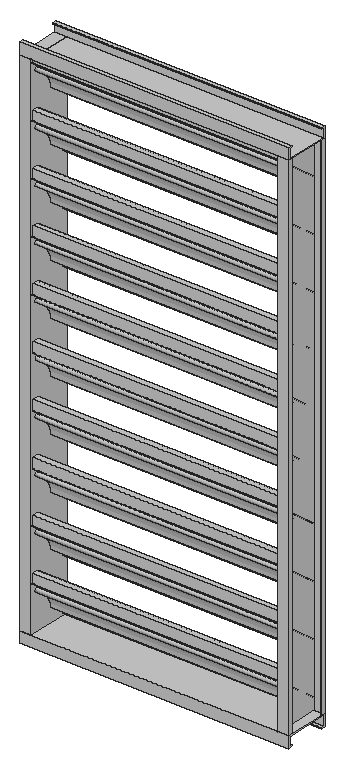
Revit family
Parameters (values of type "SBE-445")
  Width Control = if(Width < Min Width, Min Width, if(Width > Max Width, Max Width, Width))  # 2' - 0"
  Width = 2' - 0"
  Warranty = "http://www.alllite-louvers.com/All-Lite_Warranty.pdf"
  Velocity @ 0.15 in. wg Pressure Loss = "840 fpm"  # constant formula
  URL = "http://www.alllite-louvers.com/"
  Specifications = "http://www.alllite-louvers.com/catalog/ASBE-445-csi-specification.doc"
  Product URL = "http://www.alllite-louvers.com/catalog.php?model=SBE-445"
  Pressure Loss @ Beginning Point of Water Penetration = "0.13 in. wg."  # constant formula
  Omni Class Title = "Louvers & Grilles"  # constant formula
  Omni Class Code = "23-60 11 17"  # constant formula
  Mullion = "Visible"  # constant formula
  Maximum Size - Multiple Sections = "Unlimited"  # constant formula
  Free Area Velocity @ Beginning Point of Water Penetration = "775 fpm"  # constant formula
  Free Area = "[48'' x 48'' unit] : 7.5 ft² 46.9%"  # constant formula
  Design Load = "30 psf"  # constant formula
  Screen = "1/2'' x .063'' expanded and flattened aluminum"  # constant formula
  Model = "SBE-445"  # constant formula
  Minimum Size = "12'' x 12''"  # constant formula
  Min Width = 1' - 0"  # constant formula
  Min Height = 1' - 0"  # constant formula
  Maximum Size - Single Section = "36'' x 120''"  # constant formula
  Max Width = 3' - 0"  # constant formula
  Max Height = 10' - 0"  # constant formula
  Manufacturer = "All-Lite"  # constant formula
  Louver Count = (Height Control - 0' 3 1/2") / 0' 4 5/8"  # 10
  Louver = Galvannealed Steel
  Height Control = if(Height < Min Height, Min Height, if(Height > Max Height, Max Height, Height))  # 4' - 0"
  Height = 4' - 0"
  Frame = "4'' deep x 20 ga thick channel"  # constant formula
  Default Height = 4' - 0"
  Cut Sheet = "http://www.alllite-louvers.com/catalog/ASBE445.pdf"
  Blades = "45° x 20 ga thick J-style BD-exhaust"  # constant formula
  Blade Width = Width Control - 0' 2"  # 1' - 10"
  Blade Height = Height Control - 0' 8 5/16" + 0' 0 235/256"  # 3' - 4 155/256"
  Assembly Code = "B2010300"
  Air Volume Delivered @ Beginning Point of Water Penetration = "5,813 cfm"  # constant formula
  95 CSI = "10200"  # constant formula
  04 CSI = "80 91 00"  # constant formula
Reference planes (in)
  plane 1: y = 0
  plane 2 "Center (Left/Right)": x = 0
  plane 3 "Wall Edge": y = 6
  plane 4: z = 48
  plane 5: x = 12
  plane 6: x = -12
  plane 7: z = 96
  plane 8 "blade": y = 2.125
  plane 9 "blade start": z = 49.25
  plane 10: z = 94.75
Forms (in)
  Sweep 1, solid, material "Galvannealed Steel" <- "Louver"
    path origin (0, 6, 96) x (1, 0, 0) y (0, 0, -1)
      loop
        line (12, 48) -> (-12, 48)
    profile "Frame Profile : 4"" origin (0, 6, 48) x (0, 0, -1) y (0, -1, 0)
      loop
        line (-1, 4) -> (-1, 0) -> (0, 0) -> (0, 0.375) -> (-0.08203, 0.375) -> (-0.08203, 0.08203) -> (-0.91797, 0.08203) -> (-0.91797, 3.91797) -> (-0.08203, 3.91797) -> (-0.08203, 3.625) -> (0, 3.625) -> (0, 4) -> (-1, 4)
  Sweep 2, solid, material "Galvannealed Steel" <- "Louver"
    path origin (0, 6, 0) x (1, 0, 0) y (0, 0, 1)
      loop
        line (-12, 96) -> (12, 96)
    profile "Frame Profile : 4"" origin (0, 6, 96) x (0, 0, 1) y (0, -1, 0)
      loop
        line (-1, 4) -> (-1, 0) -> (0, 0) -> (0, 0.375) -> (-0.08203, 0.375) -> (-0.08203, 0.08203) -> (-0.91797, 0.08203) -> (-0.91797, 3.91797) -> (-0.08203, 3.91797) -> (-0.08203, 3.625) -> (0, 3.625) -> (0, 4) -> (-1, 4)
  Sweep 3, solid, material "Galvannealed Steel" <- "Louver"
    path origin (0, 6, 0) x (1, 0, 0) y (0, 0, 1)
      loop
        line (12, 95) -> (12, 49)
    profile "Frame Profile : 4"" origin (12, 6, 72) x (1, 0, 0) y (0, -1, 0)
      loop
        line (-1, 4) -> (-1, 0) -> (0, 0) -> (0, 0.375) -> (-0.08203, 0.375) -> (-0.08203, 0.08203) -> (-0.91797, 0.08203) -> (-0.91797, 3.91797) -> (-0.08203, 3.91797) -> (-0.08203, 3.625) -> (0, 3.625) -> (0, 4) -> (-1, 4)
  Sweep 4, solid, material "Galvannealed Steel" <- "Louver"
    path origin (0, 6, 0) x (-1, 0, 0) y (0, 0, 1)
      loop
        line (12, 95) -> (12, 49)
    profile "Frame Profile : 4"" origin (-12, 6, 72) x (1, 0, 0) y (0, -1, 0)
      loop
        line (1, 4) -> (0, 4) -> (0, 3.625) -> (0.08203, 3.625) -> (0.08203, 3.91797) -> (0.91797, 3.91797) -> (0.91797, 0.08203) -> (0.08203, 0.08203) -> (0.08203, 0.375) -> (0, 0.375) -> (0, 0) -> (1, 0) -> (1, 4)
Lines and regions (in)
  Opening 1
    outline origin (-60, -6, 0) x (1, 0, 0) y (0, 0, 1)
      loop
        line (72, 96) -> (48, 96) -> (48, 48) -> (72, 48) -> (72, 96)
Text (in)
  text "Placement Side" at (0, 40.15149, 123.01588), in view "Right"
  text "Placement Side" at (-70.3804, 28.46503, 0), in view "Ref. Level"
  text "Placement Side" at (0, 81.62555, 140.59947), in view "Left"
Dimensions and locks (in)
  locked: plane 3 "Wall Edge" to host wall
  "Default Height": level to plane 4
  "Height Control": plane 4 to plane 7
  equal spacing: plane 6, plane 2 "Center (Left/Right)", plane 5
  "Width Control": plane 6 to plane 5
  locked: plane 4 to plane 9 "blade start" at 1.25
  locked: plane 10 to plane 7 at 1.25
  plane 7 to plane 4 = 4' - 0"
  equal spacing: group 1, group 2, group 3, group 4, group 5, group 6, group 7, group 8, group 9, group 10  (x3)
  aligned and locked: plane 7 to Opening 1 sketch curve
  aligned and locked: Opening 1 sketch curve to plane 5
  aligned and locked: Opening 1 sketch curve to plane 4
  aligned and locked: plane 6 to Opening 1 sketch curve
  aligned and locked: Sweep 1 sketch curve to plane 4
  aligned and locked: plane 5 to Sweep 1 sketch curve
  aligned and locked: plane 6 to Sweep 1 sketch curve
  aligned and locked: plane 7 to Sweep 2 sketch curve
  aligned and locked: plane 5 to Sweep 2 sketch curve
  aligned and locked: plane 6 to Sweep 2 sketch curve
  aligned and locked: Sweep 3 sketch curve to plane 5
  aligned and locked: nested 1 to plane 9 "blade start"
Automatic sketch dimensions
  plane 6 to Sweep 4 sketch curve = 0' - 0"
  Sweep 3 sketch curve to plane 7 = 0' - 1"
  plane 7 to Sweep 4 sketch curve = 0' - 1"
  plane 4 to Sweep 3 sketch curve = 0' - 1"
  Sweep 4 sketch curve to plane 4 = 0' - 1"
Nested families (in)
  nested 1: "445 blade" at (0, 2.125, 50.76003) x (1, 0, 0) z (0, 1, 0), type "445 blade"
  nested 2: "445 blade" at (0, 2.125, 55.38503) x (1, 0, 0) z (0, 1, 0), type "445 blade"
  nested 3: "445 blade" at (0, 2.125, 60.01003) x (1, 0, 0) z (0, 1, 0), type "445 blade"
  nested 4: "445 blade" at (0, 2.125, 64.63503) x (1, 0, 0) z (0, 1, 0), type "445 blade"
  nested 5: "445 blade" at (0, 2.125, 69.26003) x (1, 0, 0) z (0, 1, 0), type "445 blade"
  nested 6: "445 blade" at (0, 2.125, 73.88503) x (1, 0, 0) z (0, 1, 0), type "445 blade"
  nested 7: "445 blade" at (0, 2.125, 78.51003) x (1, 0, 0) z (0, 1, 0), type "445 blade"
  nested 8: "445 blade" at (0, 2.125, 83.13503) x (1, 0, 0) z (0, 1, 0), type "445 blade"
  nested 9: "445 blade" at (0, 2.125, 87.76003) x (1, 0, 0) z (0, 1, 0), type "445 blade"
  nested 10: "445 blade" at (0, 2.125, 92.38503) x (1, 0, 0) z (0, 1, 0), type "445 blade"
Definition of nested family "445 blade"
  Parameters (values of type "445 blade")
    W = 1' - 10"
    Louver = Galvannealed Steel
    Default Elevation = 4' - 0"
    Assembly Code = ""
  Reference planes (in)
    plane 1 "Center (Front/Back)": y = 0
    plane 2: z = 0
    plane 3 "Center (Left/Right)": x = 0
    plane 4: x = -11
    plane 5: x = 11
    plane 6: y = -2.52903
    plane 7: x = -10.25
    plane 8: x = 10.25
  Forms (in)
    Extrusion 1, solid
      sketch origin (0, 0, 0) x (1, 0, 0) y (0, 1, 0)
        loop
          line (-48, 48) -> (-48, -48) -> (48, -48) -> (48, 48) -> (-48, 48)
      from 0 to -12
    Sweep 2, solid, material "Galvannealed Steel" <- "Louver"
      path origin (0, 1.51003, 0.89675) x (1, 0, 0) y (0, 0, 1)
        loop
          line (-11, -0.89675) -> (11, -0.89675)
      profile origin (0, 1.51003, 0) x (0, 0, 1) y (0, -1, 0)
        loop
          line (3.875, 0) -> (3.875, 0.78763) -> (0.03906, 3.75728) -> (0.03906, 4.63228) -> (0.5, 4.63228) -> (0.5, 4.19531) -> (0.53777, 4.19531) -> (0.53777, 4.67134) -> (0, 4.67134) -> (0, 3.7411) -> (0.4985, 3.35517)
          arc (0.4985, 3.35517) -> (0.50047, 3.3401) -> (0.48641, 3.33433) r 0.01247
          arc (0.48641, 3.33433) -> (0.26987, 3.22747) -> (0.34977, 2.9996) r 0.18211
          arc (0.34977, 2.9996) -> (0.80262, 2.72511) -> (1.23442, 2.41859) r 7.31664
          arc (1.23442, 2.41859) -> (1.76168, 1.803) -> (1.99364, 1.02638) r 1.9531
          line (1.99364, 1.02638) -> (2.03051, 1.05449)
          arc (2.03051, 1.05449) -> (1.79013, 1.833) -> (1.25823, 2.45019) r 1.99244
          arc (1.25823, 2.45019) -> (0.87004, 2.72798) -> (0.46465, 2.98) r 7.35603
          arc (0.46465, 2.98) -> (0.58907, 3.05965) -> (0.61364, 3.20532) r 0.18233
          arc (0.61364, 3.20532) -> (0.62456, 3.23425) -> (0.65547, 3.23365) r 0.02681
          line (0.65547, 3.23365) -> (3.83594, 0.77145) -> (3.83594, 0.03906) -> (3.33594, 0.03906) -> (3.33594, 0) -> (3.875, 0)
        loop
          circle (0.43847, 3.15865) r 0.14304
    Extrusion 3, solid, material "Galvannealed Steel" <- "Louver"
      sketch origin (0, 0.48343, 0.60789) x (0, 1, 0) y (0, 0, 1)
        loop
          arc (-2.06969, 0.28497) -> (-2.19333, 0.25544) -> (-2.19094, 0.12834) r 0.10139
          line (-2.19094, 0.12834) -> (-2.06969, 0.28497)
        loop
          arc (-2.16267, 0.1049) -> (-2.033, 0.13131) -> (-2.03991, 0.26347) r 0.10139
          line (-2.03991, 0.26347) -> (-2.16267, 0.1049)
        loop
          arc (-0.23321, 2.65717) -> (-0.35686, 2.62764) -> (-0.35447, 2.50055) r 0.10139
          line (-0.35447, 2.50055) -> (-0.23321, 2.65717)
        loop
          arc (-0.3262, 2.4771) -> (-0.19652, 2.50352) -> (-0.20344, 2.63567) r 0.10139
          line (-0.20344, 2.63567) -> (-0.3262, 2.4771)
      from -11 to -10.25
    Extrusion 4, solid, material "Galvannealed Steel" <- "Louver"
      sketch origin (0, 0.48343, 0.60789) x (0, 1, 0) y (0, 0, -1)
        loop
          line (-2.06969, -0.28497) -> (-2.19094, -0.12834)
          arc (-2.19094, -0.12834) -> (-2.19333, -0.25544) -> (-2.06969, -0.28497) r 0.10139
        loop
          line (-2.16267, -0.1049) -> (-2.03991, -0.26347)
          arc (-2.03991, -0.26347) -> (-2.033, -0.13131) -> (-2.16267, -0.1049) r 0.10139
        loop
          line (-0.23321, -2.65717) -> (-0.35447, -2.50055)
          arc (-0.35447, -2.50055) -> (-0.35686, -2.62764) -> (-0.23321, -2.65717) r 0.10139
        loop
          line (-0.3262, -2.4771) -> (-0.20344, -2.63567)
          arc (-0.20344, -2.63567) -> (-0.19652, -2.50352) -> (-0.3262, -2.4771) r 0.10139
      from -11 to -10.25
  Dimensions and locks (in)
    equal spacing: plane 5, plane 3 "Center (Left/Right)", plane 4
    "W": plane 5 to plane 4
    locked: plane 4 to plane 7 at 0.75
    locked: plane 8 to plane 5 at 0.75
    aligned and locked: plane 2 to Extrusion 1
    aligned and locked: level to Extrusion 1
    aligned and locked: Extrusion 3 to plane 4
    aligned and locked: plane 7 to Extrusion 3
    aligned and locked: Extrusion 3 to plane 7
    aligned and locked: Extrusion 4 to plane 8
    aligned and locked: plane 5 to Extrusion 4
  Automatic sketch dimensions
    Extrusion 1 sketch curve to Extrusion 1 sketch curve = 8' - 0"  (x2)
    Sweep 2 sketch curve to level = 0' - 0"
    Sweep 2 sketch curve to plane 4 = 0' - 0"
    Sweep 2 sketch curve to plane 5 = 0' - 0"
    Extrusion 3 sketch curve to Extrusion 3 sketch curve = 0' - 0"  (x4)
    level to Extrusion 3 sketch curve = 0' - 0.73624"
    plane 1 "Center (Front/Back)" to Extrusion 3 sketch curve = 0' - 1.70751"
    level to Extrusion 3 sketch curve = 0' - 0.71279"
    Extrusion 3 sketch curve to Extrusion 3 sketch curve = 0' - 0.02827"  (x2)
    Extrusion 3 sketch curve to Extrusion 3 sketch curve = 0' - 0.04951"
    Extrusion 3 sketch curve to Extrusion 3 sketch curve = 0' - 0.04347"  (x2)
    Extrusion 3 sketch curve to Extrusion 3 sketch curve = 0' - 0.02978"  (x2)
    Extrusion 3 sketch curve to plane 1 "Center (Front/Back)" = 0' - 0.12896"
    Extrusion 3 sketch curve to Extrusion 3 sketch curve = 0' - 0.07778"
    Extrusion 3 sketch curve to Extrusion 3 sketch curve = 0' - 0.08848"
    Extrusion 3 sketch curve to Extrusion 3 sketch curve = 0' - 2.21363"
    Extrusion 3 sketch curve to Extrusion 3 sketch curve = 0' - 0 3/128"
    Extrusion 3 sketch curve to Extrusion 3 sketch curve = 0' - 0.06503"
    Extrusion 4 sketch curve to Extrusion 4 sketch curve = 0' - 0"  (x4)
    level to Extrusion 4 sketch curve = 0' - 0.73624"
    plane 1 "Center (Front/Back)" to Extrusion 4 sketch curve = 0' - 1.70751"
    level to Extrusion 4 sketch curve = 0' - 0.71279"
    Extrusion 4 sketch curve to Extrusion 4 sketch curve = 0' - 0.02827"  (x2)
    Extrusion 4 sketch curve to Extrusion 4 sketch curve = 0' - 0.04951"
    Extrusion 4 sketch curve to Extrusion 4 sketch curve = 0' - 0.04347"  (x2)
    Extrusion 4 sketch curve to Extrusion 4 sketch curve = 0' - 0.02978"  (x2)
    Extrusion 4 sketch curve to plane 1 "Center (Front/Back)" = 0' - 0.12896"
    Extrusion 4 sketch curve to Extrusion 4 sketch curve = 0' - 0.07778"
    Extrusion 4 sketch curve to Extrusion 4 sketch curve = 0' - 0.08848"
    Extrusion 4 sketch curve to Extrusion 4 sketch curve = 0' - 2.21363"
    Extrusion 4 sketch curve to Extrusion 4 sketch curve = 0' - 0 3/128"
    Extrusion 4 sketch curve to Extrusion 4 sketch curve = 0' - 0.06503"
    Sweep 2 sketch curve to Sweep 2 sketch curve = 0' - 0"  (x6)
    profile plane to Sweep 2 sketch curve = 0' - 0"
    Sweep 2 sketch curve to profile plane = 0' - 0"
    profile plane to Sweep 2 sketch curve = 0' - 3.21395"
    Sweep 2 sketch curve to Sweep 2 sketch curve = 0' - 0.00043"  (x2)
    Sweep 2 sketch curve to profile plane = 0' - 0 5/128"
    Sweep 2 sketch curve to profile plane = 0' - 0.04678"
    Sweep 2 sketch curve to Sweep 2 sketch curve = 0' - 0.00019"
    Sweep 2 sketch curve to profile plane = 0' - 0.34977"
    Sweep 2 sketch curve to Sweep 2 sketch curve = 0' - 0.0872"
    Sweep 2 sketch curve to Sweep 2 sketch curve = 0' - 0.0015"
    Sweep 2 sketch curve to Sweep 2 sketch curve = 0' - 0.11487"
    Sweep 2 sketch curve to Sweep 2 sketch curve = 0' - 0.04943"
    Sweep 2 sketch curve to Sweep 2 sketch curve = 0' - 0.00328"
    Sweep 2 sketch curve to Sweep 2 sketch curve = 0' - 0.00881"
    Sweep 2 sketch curve to plane 6 = 0' - 0 5/32"
    Sweep 2 sketch curve to profile plane = 0' - 0 1/2"
    Sweep 2 sketch curve to Sweep 2 sketch curve = 0' - 0.03777"
    Sweep 2 sketch curve to Sweep 2 sketch curve = 0' - 0.12724"
    Sweep 2 sketch curve to Sweep 2 sketch curve = 0' - 0.02595"
    Sweep 2 sketch curve to Sweep 2 sketch curve = 0' - 0.01588"
    Sweep 2 sketch curve to Sweep 2 sketch curve = 0' - 0.76978"
    Sweep 2 sketch curve to Sweep 2 sketch curve = 0' - 0.0238"
    profile plane to Sweep 2 sketch curve = 0' - 1.02638"
    Sweep 2 sketch curve to Sweep 2 sketch curve = 0' - 0.75922"
    Sweep 2 sketch curve to Sweep 2 sketch curve = 0' - 0.03687"
    profile plane to Sweep 2 sketch curve = 0' - 0 5/128"
    Sweep 2 sketch curve to Sweep 2 sketch curve = 0' - 1.30543"
    Sweep 2 sketch curve to Sweep 2 sketch curve = 0' - 0 1/2"
    Sweep 2 sketch curve to Sweep 2 sketch curve = 0' - 0 5/128"  (x2)
    Sweep 2 sketch curve to profile plane = 0' - 3.38992"
    Sweep 2 sketch curve to Sweep 2 sketch curve = 0' - 0.00055"
    Sweep 2 sketch curve to Sweep 2 sketch curve = 0' - 0.73239"
    Sweep 2 sketch curve to Sweep 2 sketch curve = 0' - 0.01618"  (x2)
    Sweep 2 sketch curve to Sweep 2 sketch curve = 0' - 0.00157"
    Sweep 2 sketch curve to Sweep 2 sketch curve = 0' - 0.00673"
    plane 6 to Sweep 2 sketch curve = 0' - 0.29797"
    Sweep 2 sketch curve to plane 6 = 0' - 0.59321"
    radius of Sweep 2 sketch curve = 0' - 0.14304"
